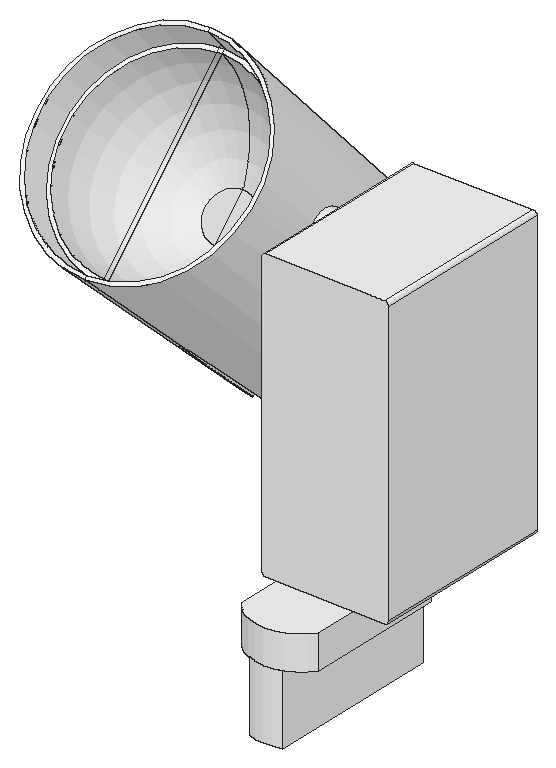
Revit family "0004814 Feilo Sylvania Lighting Fixture START TRACK SPOT S 24W 3K RA80 NB WHITE", category Lighting Fixtures, host Face, Revit 2017 (continued)
Definition of nested family "Start Track Spot Head"
  Types (96, lengths in mm): name | Wattage | built-in parameter 1150134 | Photometric Web File | Model | built-in parameter 1150105 | Lumens | built-in parameter 1150107 | built-in parameter 1150106 | HeadThickness_FEILO | HeadRibOffset_FEILO | HeadRibDepth_FEILO | HeadRibCutWidth_FEILO | HeadRibCutOffset_FEILO | HeadReflectorRadius_FEILO | HeadReflectorOffset_FEILO | HeadLEDRadius_FEILO | HeadHeight_FEILO | HeadDiffusorOffset_FEILO | HeadDiaOut_FEILO | HeadDiaIn_FEILO | HeadAxisFromTop_FEILO | Emit from Circle Diameter | built-in parameter 1150104 | Description | Apparent Load
    0004864 START TRACK SPOT S 24W 3K RA90 WB WHITE | 24 W | (empty or 0) | "0004864.ies" | "START TRACK SPOT S 24W 3K RA90 WB WHITE" | 152.79 (stored number, unit not read) | 1920 lm | 3000 (stored number, unit not read) | 1.5279 (stored number, unit not read) | 1.5 | 4.179 | 55.714 | 7.167 | 50.87 | 50.588 | 55.714 | 9.556 | 117 | 9.435 | 86 | 77.477 | 69.354 | 77.477 | 7.4322 (stored number, unit not read) | "Integrated LED spotlight, Textured White - RAL9016, compact and minimalist design, ideal for retail applications, die-cast aluminium body, passive cooling heatsink. Beam angle: 64°, color temperature: 3000K , total system power: 24W, total fixture output: 1928 lm, LOR: 100%, colour rendering: Ra: 90 typical, LED Chromaticity: 3 step MacAdam ellipse, lifetime: >50000 hours at L70B50, energy class: A++, A+, A, IR/UV free light source without heat radiation, operating voltage: 220-240V / 50-60Hz, drive current: 600mA, electronic driver, non-dimmable, power factor: 0.95, electrical protection: Class II, Global Track 3 Phase adapter suitable for Global trac 3-circuit tracks, ingress protection rating: IP20, suitable for internal environment only, horizontal rotation: 355°, vertical tilt: 90°, dimensions: Ø86x140x200, weight: 0.966kg." | 24 VA
    0004863 START TRACK SPOT S 24W 3K RA90 MB WHITE | 24 W | (empty or 0) | "0004863.ies" | "START TRACK SPOT S 24W 3K RA90 MB WHITE" | 154.7 (stored number, unit not read) | 1944 lm | 3000 (stored number, unit not read) | 1.547 (stored number, unit not read) | 1.5 | 4.179 | 55.714 | 7.167 | 50.87 | 50.588 | 55.714 | 9.556 | 117 | 9.435 | 86 | 77.477 | 69.354 | 77.477 | 7.5251 (stored number, unit not read) | "Integrated LED spotlight, Textured White - RAL9016, compact and minimalist design, ideal for retail applications, die-cast aluminium body, passive cooling heatsink. Beam angle: 36°, color temperature: 3000K , total system power: 24W, total fixture output: 1944 lm, LOR: 100%, colour rendering: Ra: 90 typical, LED Chromaticity: 3 step MacAdam ellipse, lifetime: >50000 hours at L70B50, energy class: A++, A+, A, IR/UV free light source without heat radiation, operating voltage: 220-240V / 50-60Hz, drive current: 600mA, electronic driver, non-dimmable, power factor: 0.95, electrical protection: Class II, Global Track 3 Phase adapter suitable for Global trac 3-circuit tracks, ingress protection rating: IP20, suitable for internal environment only, horizontal rotation: 355°, vertical tilt: 90°, dimensions: Ø86x140x200, weight: 0.966kg." | 24 VA
    0004862 START TRACK SPOT S 24W 3K RA90 NB WHITE | 24 W | (empty or 0) | "0004862.ies" | "START TRACK SPOT S 24W 3K RA90 NB WHITE" | 158.52 (stored number, unit not read) | 1992 lm | 3000 (stored number, unit not read) | 1.5852 (stored number, unit not read) | 1.5 | 4.179 | 55.714 | 7.167 | 50.87 | 50.588 | 55.714 | 9.556 | 117 | 9.435 | 86 | 77.477 | 69.354 | 77.477 | 7.711 (stored number, unit not read) | "Integrated LED spotlight, Textured White - RAL9016, compact and minimalist design, ideal for retail applications, die-cast aluminium body, passive cooling heatsink. Beam angle: 12°, color temperature: 3000K , total system power: 24W, total fixture output: 1987 lm, LOR: 100%, colour rendering: Ra: 90 typical, LED Chromaticity: 3 step MacAdam ellipse, lifetime: >50000 hours at L70B50, energy class: A++, A+, A, IR/UV free light source without heat radiation, operating voltage: 220-240V / 50-60Hz, drive current: 600mA, electronic driver, non-dimmable, power factor: 0.95, electrical protection: Class II, Global Track 3 Phase adapter suitable for Global trac 3-circuit tracks, ingress protection rating: IP20, suitable for internal environment only, horizontal rotation: 355°, vertical tilt: 90°, dimensions: Ø86x140x200, weight: 0.966kg." | 24 VA
    0004861 START TRACK SPOT S 14W 3K RA90 WB WHITE | 14 W | (empty or 0) | "0004861.ies" | "START TRACK SPOT S 14W 3K RA90 WB WHITE" | 100.27 (stored number, unit not read) | 1260 lm | 3000 (stored number, unit not read) | 1.0027 (stored number, unit not read) | 1.5 | 4.179 | 55.714 | 7.167 | 50.87 | 50.588 | 55.714 | 9.556 | 117 | 9.435 | 86 | 77.477 | 69.354 | 77.477 | 8.3613 (stored number, unit not read) | "Integrated LED spotlight, Textured White - RAL9016, compact and minimalist design, ideal for retail applications, die-cast aluminium body, passive cooling heatsink. Beam angle: 64°, color temperature: 3000K , total system power: 14W, total fixture output: 1262 lm, LOR: 100%, colour rendering: Ra: 90 typical, LED Chromaticity: 3 step MacAdam ellipse, lifetime: >50000 hours at L70B50, energy class: A++, A+, A, IR/UV free light source without heat radiation, operating voltage: 220-240V / 50-60Hz, drive current: 350mA, electronic driver, non-dimmable, power factor: 0.92, electrical protection: Class II, Global Track 3 Phase adapter suitable for Global trac 3-circuit tracks, ingress protection rating: IP20, suitable for internal environment only, horizontal rotation: 355°, vertical tilt: 90°, dimensions: Ø86x140x200, weight: 0.940kg." | 14 VA
    0004860 START TRACK SPOT S 14W 3K RA90 MB WHITE | 14 W | (empty or 0) | "0004860.ies" | "START TRACK SPOT S 14W 3K RA90 MB WHITE" | 100.27 (stored number, unit not read) | 1260 lm | 3000 (stored number, unit not read) | 1.0027 (stored number, unit not read) | 1.5 | 4.179 | 55.714 | 7.167 | 50.87 | 50.588 | 55.714 | 9.556 | 117 | 9.435 | 86 | 77.477 | 69.354 | 77.477 | 8.3613 (stored number, unit not read) | "Integrated LED spotlight, Textured White - RAL9016, compact and minimalist design, ideal for retail applications, die-cast aluminium body, passive cooling heatsink. Beam angle: 36°, color temperature: 3000K , total system power: 14W, total fixture output: 1262 lm, LOR: 100%, colour rendering: Ra: 90 typical, LED Chromaticity: 3 step MacAdam ellipse, lifetime: >50000 hours at L70B50, energy class: A++, A+, A, IR/UV free light source without heat radiation, operating voltage: 220-240V / 50-60Hz, drive current: 350mA, electronic driver, non-dimmable, power factor: 0.92, electrical protection: Class II, Global Track 3 Phase adapter suitable for Global trac 3-circuit tracks, ingress protection rating: IP20, suitable for internal environment only, horizontal rotation: 355°, vertical tilt: 90°, dimensions: Ø86x140x200, weight: 0.940kg." | 14 VA
    0004859 START TRACK SPOT S 14W 3K RA90 NB WHITE | 14 W | (empty or 0) | "0004859.ies" | "START TRACK SPOT S 14W 3K RA90 NB WHITE" | 102.5 (stored number, unit not read) | 1288 lm | 3000 (stored number, unit not read) | 1.025 (stored number, unit not read) | 1.5 | 4.179 | 55.714 | 7.167 | 50.87 | 50.588 | 55.714 | 9.556 | 117 | 9.435 | 86 | 77.477 | 69.354 | 77.477 | 8.5471 (stored number, unit not read) | "Integrated LED spotlight, Textured White - RAL9016, compact and minimalist design, ideal for retail applications, die-cast aluminium body, passive cooling heatsink. Beam angle: 12°, color temperature: 3000K , total system power: 14W, total fixture output: 1284 lm, LOR: 100%, colour rendering: Ra: 90 typical, LED Chromaticity: 3 step MacAdam ellipse, lifetime: >50000 hours at L70B50, energy class: A++, A+, A, IR/UV free light source without heat radiation, operating voltage: 220-240V / 50-60Hz, drive current: 350mA, electronic driver, non-dimmable, power factor: 0.92, electrical protection: Class II, Global Track 3 Phase adapter suitable for Global trac 3-circuit tracks, ingress protection rating: IP20, suitable for internal environment only, horizontal rotation: 355°, vertical tilt: 90°, dimensions: Ø86x140x200, weight: 0.940kg." | 14 VA
    0004858 START TRACK SPOT L 55W 4K RA80 WB BLACK | 55 W | 12 | "0004858.ies" | "START TRACK SPOT L 55W 4K RA80 WB BLACK" | 424.55 (stored number, unit not read) | 5335 lm | 4000 (stored number, unit not read) | 4.2455 (stored number, unit not read) | 2 | 4.429 | 59.048 | 9.417 | 53.913 | 66.471 | 59.048 | 12.556 | 124 | 10 | 113 | 101.802 | 73.503 | 101.802 | 9.0116 (stored number, unit not read) | "Integrated LED spotlight, Textured Black - RAL9005, compact and minimalist design, ideal for retail applications, die-cast aluminium body, passive cooling heatsink. Beam angle: 52°, color temperature: 4000K , total system power: 55W, total fixture output: 5320 lm, LOR: 100%, colour rendering: Ra: 80 typical, LED Chromaticity: 3 step MacAdam ellipse, lifetime: >50000 hours at L70B50, energy class: A++, A+, A, IR/UV free light source without heat radiation, operating voltage: 220-240V / 50-60Hz, drive current: 1400mA, electronic driver, non-dimmable, power factor: 0.96, electrical protection: Class II, Global Track 3 Phase adapter suitable for Global trac 3-circuit tracks, ingress protection rating: IP20, suitable for internal environment only, horizontal rotation: 355°, vertical tilt: 90°, dimensions: Ø113x164x240, weight: 1.398kg." | 55 VA
    0004857 START TRACK SPOT L 55W 4K RA80 MB BLACK | 55 W | 12 | "0004857.ies" | "START TRACK SPOT L 55W 4K RA80 MB BLACK" | 428.92 (stored number, unit not read) | 5390 lm | 4000 (stored number, unit not read) | 4.2892 (stored number, unit not read) | 2 | 4.429 | 59.048 | 9.417 | 53.913 | 66.471 | 59.048 | 12.556 | 124 | 10 | 113 | 101.802 | 73.503 | 101.802 | 9.1045 (stored number, unit not read) | "Integrated LED spotlight, Textured Black - RAL9005, compact and minimalist design, ideal for retail applications, die-cast aluminium body, passive cooling heatsink. Beam angle: 38°, color temperature: 4000K , total system power: 55W, total fixture output: 5378 lm, LOR: 100%, colour rendering: Ra: 80 typical, LED Chromaticity: 3 step MacAdam ellipse, lifetime: >50000 hours at L70B50, energy class: A++, A+, A, IR/UV free light source without heat radiation, operating voltage: 220-240V / 50-60Hz, drive current: 1400mA, electronic driver, non-dimmable, power factor: 0.96, electrical protection: Class II, Global Track 3 Phase adapter suitable for Global trac 3-circuit tracks, ingress protection rating: IP20, suitable for internal environment only, horizontal rotation: 355°, vertical tilt: 90°, dimensions: Ø113x164x240, weight: 1.398kg." | 55 VA
    0004856 START TRACK SPOT L 55W 4K RA80 NB BLACK | 55 W | 12 | "0004856.ies" | "START TRACK SPOT L 55W 4K RA80 NB BLACK" | 433.3 (stored number, unit not read) | 5445 lm | 4000 (stored number, unit not read) | 4.333 (stored number, unit not read) | 2 | 4.429 | 59.048 | 9.417 | 53.913 | 66.471 | 59.048 | 12.556 | 124 | 10 | 113 | 101.802 | 73.503 | 101.802 | 9.1974 (stored number, unit not read) | "Integrated LED spotlight, Textured Black - RAL9005, compact and minimalist design, ideal for retail applications, die-cast aluminium body, passive cooling heatsink. Beam angle: 15°, color temperature: 4000K , total system power: 55W, total fixture output: 5426 lm, LOR: 100%, colour rendering: Ra: 80 typical, LED Chromaticity: 3 step MacAdam ellipse, lifetime: >50000 hours at L70B50, energy class: A++, A+, A, IR/UV free light source without heat radiation, operating voltage: 220-240V / 50-60Hz, drive current: 1400mA, electronic driver, non-dimmable, power factor: 0.96, electrical protection: Class II, Global Track 3 Phase adapter suitable for Global trac 3-circuit tracks, ingress protection rating: IP20, suitable for internal environment only, horizontal rotation: 355°, vertical tilt: 90°, dimensions: Ø113x164x240, weight: 1.398kg." | 55 VA
    0004855 START TRACK SPOT L 35W 4K RA80 WB BLACK | 35 W | 12 | "0004855.ies" | "START TRACK SPOT L 35W 4K RA80 WB BLACK" | 320.3 (stored number, unit not read) | 4025 lm | 4000 (stored number, unit not read) | 3.203 (stored number, unit not read) | 2 | 4.429 | 59.048 | 9.417 | 53.913 | 66.471 | 59.048 | 12.556 | 124 | 10 | 113 | 101.802 | 73.503 | 101.802 | 10.684 (stored number, unit not read) | "Integrated LED spotlight, Textured Black - RAL9005, compact and minimalist design, ideal for retail applications, die-cast aluminium body, passive cooling heatsink. Beam angle: 52°, color temperature: 4000K , total system power: 35W, total fixture output: 4010 lm, LOR: 100%, colour rendering: Ra: 80 typical, LED Chromaticity: 3 step MacAdam ellipse, lifetime: >50000 hours at L70B50, energy class: A++, A+, A, IR/UV free light source without heat radiation, operating voltage: 220-240V / 50-60Hz, drive current: 900mA, electronic driver, non-dimmable, power factor: 0.93, electrical protection: Class II, Global Track 3 Phase adapter suitable for Global trac 3-circuit tracks, ingress protection rating: IP20, suitable for internal environment only, horizontal rotation: 355°, vertical tilt: 90°, dimensions: Ø113x164x240, weight: 1.368kg." | 35 VA
    0004854 START TRACK SPOT L 35W 4K RA80 MB BLACK | 35 W | 12 | "0004854.ies" | "START TRACK SPOT L 35W 4K RA80 MB BLACK" | 320.3 (stored number, unit not read) | 4025 lm | 4000 (stored number, unit not read) | 3.203 (stored number, unit not read) | 2 | 4.429 | 59.048 | 9.417 | 53.913 | 66.471 | 59.048 | 12.556 | 124 | 10 | 113 | 101.802 | 73.503 | 101.802 | 10.684 (stored number, unit not read) | "Integrated LED spotlight, Textured Black - RAL9005, compact and minimalist design, ideal for retail applications, die-cast aluminium body, passive cooling heatsink. Beam angle: 38°, color temperature: 4000K , total system power: 35W, total fixture output: 4017 lm, LOR: 100%, colour rendering: Ra: 80 typical, LED Chromaticity: 3 step MacAdam ellipse, lifetime: >50000 hours at L70B50, energy class: A++, A+, A, IR/UV free light source without heat radiation, operating voltage: 220-240V / 50-60Hz, drive current: 900mA, electronic driver, non-dimmable, power factor: 0.93, electrical protection: Class II, Global Track 3 Phase adapter suitable for Global trac 3-circuit tracks, ingress protection rating: IP20, suitable for internal environment only, horizontal rotation: 355°, vertical tilt: 90°, dimensions: Ø113x164x240, weight: 1.368kg." | 35 VA
    0004853 START TRACK SPOT L 35W 4K RA80 NB BLACK | 35 W | 12 | "0004853.ies" | "START TRACK SPOT L 35W 4K RA80 NB BLACK" | 331.44 (stored number, unit not read) | 4165 lm | 4000 (stored number, unit not read) | 3.3144 (stored number, unit not read) | 2 | 4.429 | 59.048 | 9.417 | 53.913 | 66.471 | 59.048 | 12.556 | 124 | 10 | 113 | 101.802 | 73.503 | 101.802 | 11.055 (stored number, unit not read) | "Integrated LED spotlight, Textured Black - RAL9005, compact and minimalist design, ideal for retail applications, die-cast aluminium body, passive cooling heatsink. Beam angle: 15°, color temperature: 4000K , total system power: 35W, total fixture output: 4174 lm, LOR: 100%, colour rendering: Ra: 80 typical, LED Chromaticity: 3 step MacAdam ellipse, lifetime: >50000 hours at L70B50, energy class: A++, A+, A, IR/UV free light source without heat radiation, operating voltage: 220-240V / 50-60Hz, drive current: 900mA, electronic driver, non-dimmable, power factor: 0.93, electrical protection: Class II, Global Track 3 Phase adapter suitable for Global trac 3-circuit tracks, ingress protection rating: IP20, suitable for internal environment only, horizontal rotation: 355°, vertical tilt: 90°, dimensions: Ø113x164x240, weight: 1.368kg." | 35 VA
    0004852 START TRACK SPOT S 24W 4K RA80 WB BLACK | 24 W | 12 | "0004852.ies" | "START TRACK SPOT S 24W 4K RA80 WB BLACK" | 196.72 (stored number, unit not read) | 2472 lm | 4000 (stored number, unit not read) | 1.9672 (stored number, unit not read) | 1.5 | 4.179 | 55.714 | 7.167 | 50.87 | 50.588 | 55.714 | 9.556 | 117 | 9.435 | 86 | 77.477 | 69.354 | 77.477 | 9.569 (stored number, unit not read) | "Integrated LED spotlight, Textured Black - RAL9005, compact and minimalist design, ideal for retail applications, die-cast aluminium body, passive cooling heatsink. Beam angle: 64°, color temperature: 4000K , total system power: 24W, total fixture output: 2476 lm, LOR: 100%, colour rendering: Ra: 80 typical, LED Chromaticity: 3 step MacAdam ellipse, lifetime: >50000 hours at L70B50, energy class: A++, A+, A, IR/UV free light source without heat radiation, operating voltage: 220-240V / 50-60Hz, drive current: 600mA, electronic driver, non-dimmable, power factor: 0.95, electrical protection: Class II, Global Track 3 Phase adapter suitable for Global trac 3-circuit tracks, ingress protection rating: IP20, suitable for internal environment only, horizontal rotation: 355°, vertical tilt: 90°, dimensions: Ø86x140x200, weight: 0.966kg." | 24 VA
    0004851 START TRACK SPOT S 24W 4K RA80 MB BLACK | 24 W | 12 | "0004851.ies" | "START TRACK SPOT S 24W 4K RA80 MB BLACK" | 198.63 (stored number, unit not read) | 2496 lm | 4000 (stored number, unit not read) | 1.9863 (stored number, unit not read) | 1.5 | 4.179 | 55.714 | 7.167 | 50.87 | 50.588 | 55.714 | 9.556 | 117 | 9.435 | 86 | 77.477 | 69.354 | 77.477 | 9.6619 (stored number, unit not read) | "Integrated LED spotlight, Textured Black - RAL9005, compact and minimalist design, ideal for retail applications, die-cast aluminium body, passive cooling heatsink. Beam angle: 36°, color temperature: 4000K , total system power: 24W, total fixture output: 2487 lm, LOR: 100%, colour rendering: Ra: 80 typical, LED Chromaticity: 3 step MacAdam ellipse, lifetime: >50000 hours at L70B50, energy class: A++, A+, A, IR/UV free light source without heat radiation, operating voltage: 220-240V / 50-60Hz, drive current: 600mA, electronic driver, non-dimmable, power factor: 0.95, electrical protection: Class II, Global Track 3 Phase adapter suitable for Global trac 3-circuit tracks, ingress protection rating: IP20, suitable for internal environment only, horizontal rotation: 355°, vertical tilt: 90°, dimensions: Ø86x140x200, weight: 0.966kg." | 24 VA
    0004850 START TRACK SPOT S 24W 4K RA80 NB BLACK | 24 W | 12 | "0004850.ies" | "START TRACK SPOT S 24W 4K RA80 NB BLACK" | 200.54 (stored number, unit not read) | 2520 lm | 4000 (stored number, unit not read) | 2.0054 (stored number, unit not read) | 1.5 | 4.179 | 55.714 | 7.167 | 50.87 | 50.588 | 55.714 | 9.556 | 117 | 9.435 | 86 | 77.477 | 69.354 | 77.477 | 9.7548 (stored number, unit not read) | "Integrated LED spotlight, Textured Black - RAL9005, compact and minimalist design, ideal for retail applications, die-cast aluminium body, passive cooling heatsink. Beam angle: 12°, color temperature: 4000K , total system power: 24W, total fixture output: 2529 lm, LOR: 100%, colour rendering: Ra: 80 typical, LED Chromaticity: 3 step MacAdam ellipse, lifetime: >50000 hours at L70B50, energy class: A++, A+, A, IR/UV free light source without heat radiation, operating voltage: 220-240V / 50-60Hz, drive current: 600mA, electronic driver, non-dimmable, power factor: 0.95, electrical protection: Class II, Global Track 3 Phase adapter suitable for Global trac 3-circuit tracks, ingress protection rating: IP20, suitable for internal environment only, horizontal rotation: 355°, vertical tilt: 90°, dimensions: Ø86x140x200, weight: 0.966kg." | 24 VA
    0004849 START TRACK SPOT S 14W 4K RA80 WB BLACK | 14 W | 12 | "0004849.ies" | "START TRACK SPOT S 14W 4K RA80 WB BLACK" | 123.66 (stored number, unit not read) | 1554 lm | 4000 (stored number, unit not read) | 1.2366 (stored number, unit not read) | 1.5 | 4.179 | 55.714 | 7.167 | 50.87 | 50.588 | 55.714 | 9.556 | 117 | 9.435 | 86 | 77.477 | 69.354 | 77.477 | 10.312 (stored number, unit not read) | "Integrated LED spotlight, Textured Black - RAL9005, compact and minimalist design, ideal for retail applications, die-cast aluminium body, passive cooling heatsink. Beam angle: 64°, color temperature: 4000K , total system power: 14W, total fixture output: 1558 lm, LOR: 100%, colour rendering: Ra: 80 typical, LED Chromaticity: 3 step MacAdam ellipse, lifetime: >50000 hours at L70B50, energy class: A++, A+, A, IR/UV free light source without heat radiation, operating voltage: 220-240V / 50-60Hz, drive current: 350mA, electronic driver, non-dimmable, power factor: 0.92, electrical protection: Class II, Global Track 3 Phase adapter suitable for Global trac 3-circuit tracks, ingress protection rating: IP20, suitable for internal environment only, horizontal rotation: 355°, vertical tilt: 90°, dimensions: Ø86x140x200, weight: 0.940kg." | 14 VA
    0004848 START TRACK SPOT S 14W 4K RA80 MB BLACK | 14 W | 12 | "0004848.ies" | "START TRACK SPOT S 14W 4K RA80 MB BLACK" | 127.01 (stored number, unit not read) | 1596 lm | 4000 (stored number, unit not read) | 1.2701 (stored number, unit not read) | 1.5 | 4.179 | 55.714 | 7.167 | 50.87 | 50.588 | 55.714 | 9.556 | 117 | 9.435 | 86 | 77.477 | 69.354 | 77.477 | 10.591 (stored number, unit not read) | "Integrated LED spotlight, Textured Black - RAL9005, compact and minimalist design, ideal for retail applications, die-cast aluminium body, passive cooling heatsink. Beam angle: 36°, color temperature: 4000K , total system power: 14W, total fixture output: 1598 lm, LOR: 100%, colour rendering: Ra: 80 typical, LED Chromaticity: 3 step MacAdam ellipse, lifetime: >50000 hours at L70B50, energy class: A++, A+, A, IR/UV free light source without heat radiation, operating voltage: 220-240V / 50-60Hz, drive current: 350mA, electronic driver, non-dimmable, power factor: 0.92, electrical protection: Class II, Global Track 3 Phase adapter suitable for Global trac 3-circuit tracks, ingress protection rating: IP20, suitable for internal environment only, horizontal rotation: 355°, vertical tilt: 90°, dimensions: Ø86x140x200, weight: 0.940kg." | 14 VA
    0004847 START TRACK SPOT S 14W 4K RA80 NB BLACK | 14 W | 12 | "0004847.ies" | "START TRACK SPOT S 14W 4K RA80 NB BLACK" | 128.12 (stored number, unit not read) | 1610 lm | 4000 (stored number, unit not read) | 1.2812 (stored number, unit not read) | 1.5 | 4.179 | 55.714 | 7.167 | 50.87 | 50.588 | 55.714 | 9.556 | 117 | 9.435 | 86 | 77.477 | 69.354 | 77.477 | 10.684 (stored number, unit not read) | "Integrated LED spotlight, Textured Black - RAL9005, compact and minimalist design, ideal for retail applications, die-cast aluminium body, passive cooling heatsink. Beam angle: 12°, color temperature: 4000K , total system power: 14W, total fixture output: 1608 lm, LOR: 100%, colour rendering: Ra: 80 typical, LED Chromaticity: 3 step MacAdam ellipse, lifetime: >50000 hours at L70B50, energy class: A++, A+, A, IR/UV free light source without heat radiation, operating voltage: 220-240V / 50-60Hz, drive current: 350mA, electronic driver, non-dimmable, power factor: 0.92, electrical protection: Class II, Global Track 3 Phase adapter suitable for Global trac 3-circuit tracks, ingress protection rating: IP20, suitable for internal environment only, horizontal rotation: 355°, vertical tilt: 90°, dimensions: Ø86x140x200, weight: 0.940kg." | 14 VA
    0004846 START TRACK SPOT L 55W 3K RA80 WB BLACK | 55 W | (empty or 0) | "0004846.ies" | "START TRACK SPOT L 55W 3K RA80 WB BLACK" | 420.17 (stored number, unit not read) | 5280 lm | 3000 (stored number, unit not read) | 4.2017 (stored number, unit not read) | 2 | 4.429 | 59.048 | 9.417 | 53.913 | 66.471 | 59.048 | 12.556 | 124 | 10 | 113 | 101.802 | 73.503 | 101.802 | 8.9187 (stored number, unit not read) | "Integrated LED spotlight, Textured Black - RAL9005, compact and minimalist design, ideal for retail applications, die-cast aluminium body, passive cooling heatsink. Beam angle: 52°, color temperature: 3000K , total system power: 55W, total fixture output: 5298 lm, LOR: 100%, colour rendering: Ra: 80 typical, LED Chromaticity: 3 step MacAdam ellipse, lifetime: >50000 hours at L70B50, energy class: A++, A+, A, IR/UV free light source without heat radiation, operating voltage: 220-240V / 50-60Hz, drive current: 1400mA, electronic driver, non-dimmable, power factor: 0.96, electrical protection: Class II, Global Track 3 Phase adapter suitable for Global trac 3-circuit tracks, ingress protection rating: IP20, suitable for internal environment only, horizontal rotation: 355°, vertical tilt: 90°, dimensions: Ø113x164x240, weight: 1.398kg." | 55 VA
    0004845 START TRACK SPOT L 55W 3K RA80 MB BLACK | 55 W | (empty or 0) | "0004845.ies" | "START TRACK SPOT L 55W 3K RA80 MB BLACK" | 428.92 (stored number, unit not read) | 5390 lm | 3000 (stored number, unit not read) | 4.2892 (stored number, unit not read) | 2 | 4.429 | 59.048 | 9.417 | 53.913 | 66.471 | 59.048 | 12.556 | 124 | 10 | 113 | 101.802 | 73.503 | 101.802 | 9.1045 (stored number, unit not read) | "Integrated LED spotlight, Textured Black - RAL9005, compact and minimalist design, ideal for retail applications, die-cast aluminium body, passive cooling heatsink. Beam angle: 38°, color temperature: 3000K , total system power: 55W, total fixture output: 5381 lm, LOR: 100%, colour rendering: Ra: 80 typical, LED Chromaticity: 3 step MacAdam ellipse, lifetime: >50000 hours at L70B50, energy class: A++, A+, A, IR/UV free light source without heat radiation, operating voltage: 220-240V / 50-60Hz, drive current: 1400mA, electronic driver, non-dimmable, power factor: 0.96, electrical protection: Class II, Global Track 3 Phase adapter suitable for Global trac 3-circuit tracks, ingress protection rating: IP20, suitable for internal environment only, horizontal rotation: 355°, vertical tilt: 90°, dimensions: Ø113x164x240, weight: 1.398kg." | 55 VA
    0004844 START TRACK SPOT L 55W 3K RA80 NB BLACK | 55 W | (empty or 0) | "0004844.ies" | "START TRACK SPOT L 55W 3K RA80 NB BLACK" | 433.3 (stored number, unit not read) | 5445 lm | 3000 (stored number, unit not read) | 4.333 (stored number, unit not read) | 2 | 4.429 | 59.048 | 9.417 | 53.913 | 66.471 | 59.048 | 12.556 | 124 | 10 | 113 | 101.802 | 73.503 | 101.802 | 9.1974 (stored number, unit not read) | "Integrated LED spotlight, Textured Black - RAL9005, compact and minimalist design, ideal for retail applications, die-cast aluminium body, passive cooling heatsink. Beam angle: 15°, color temperature: 3000K , total system power: 55W, total fixture output: 5449 lm, LOR: 100%, colour rendering: Ra: 80 typical, LED Chromaticity: 3 step MacAdam ellipse, lifetime: >50000 hours at L70B50, energy class: A++, A+, A, IR/UV free light source without heat radiation, operating voltage: 220-240V / 50-60Hz, drive current: 1400mA, electronic driver, non-dimmable, power factor: 0.96, electrical protection: Class II, Global Track 3 Phase adapter suitable for Global trac 3-circuit tracks, ingress protection rating: IP20, suitable for internal environment only, horizontal rotation: 355°, vertical tilt: 90°, dimensions: Ø113x164x240, weight: 1.398kg." | 55 VA
    0004843 START TRACK SPOT L 35W 3K RA80 WB BLACK | 35 W | (empty or 0) | "0004843.ies" | "START TRACK SPOT L 35W 3K RA80 WB BLACK" | 314.73 (stored number, unit not read) | 3955 lm | 3000 (stored number, unit not read) | 3.1473 (stored number, unit not read) | 2 | 4.429 | 59.048 | 9.417 | 53.913 | 66.471 | 59.048 | 12.556 | 124 | 10 | 113 | 101.802 | 73.503 | 101.802 | 10.498 (stored number, unit not read) | "Integrated LED spotlight, Textured Black - RAL9005, compact and minimalist design, ideal for retail applications, die-cast aluminium body, passive cooling heatsink. Beam angle: 52°, color temperature: 3000K , total system power: 35W, total fixture output: 3943 lm, LOR: 100%, colour rendering: Ra: 80 typical, LED Chromaticity: 3 step MacAdam ellipse, lifetime: >50000 hours at L70B50, energy class: A++, A+, A, IR/UV free light source without heat radiation, operating voltage: 220-240V / 50-60Hz, drive current: 900mA, electronic driver, non-dimmable, power factor: 0.93, electrical protection: Class II, Global Track 3 Phase adapter suitable for Global trac 3-circuit tracks, ingress protection rating: IP20, suitable for internal environment only, horizontal rotation: 355°, vertical tilt: 90°, dimensions: Ø113x164x240, weight: 1.368kg." | 35 VA
    0004842 START TRACK SPOT L 35W 3K RA80 MB BLACK | 35 W | (empty or 0) | "0004842.ies" | "START TRACK SPOT L 35W 3K RA80 MB BLACK" | 320.3 (stored number, unit not read) | 4025 lm | 3000 (stored number, unit not read) | 3.203 (stored number, unit not read) | 2 | 4.429 | 59.048 | 9.417 | 53.913 | 66.471 | 59.048 | 12.556 | 124 | 10 | 113 | 101.802 | 73.503 | 101.802 | 10.684 (stored number, unit not read) | "Integrated LED spotlight, Textured Black - RAL9005, compact and minimalist design, ideal for retail applications, die-cast aluminium body, passive cooling heatsink. Beam angle: 38°, color temperature: 3000K , total system power: 35W, total fixture output: 4008 lm, LOR: 100%, colour rendering: Ra: 80 typical, LED Chromaticity: 3 step MacAdam ellipse, lifetime: >50000 hours at L70B50, energy class: A++, A+, A, IR/UV free light source without heat radiation, operating voltage: 220-240V / 50-60Hz, drive current: 900mA, electronic driver, non-dimmable, power factor: 0.93, electrical protection: Class II, Global Track 3 Phase adapter suitable for Global trac 3-circuit tracks, ingress protection rating: IP20, suitable for internal environment only, horizontal rotation: 355°, vertical tilt: 90°, dimensions: Ø113x164x240, weight: 1.368kg." | 35 VA
    0004841 START TRACK SPOT L 35W 3K RA80 NB BLACK | 35 W | (empty or 0) | "0004841.ies" | "START TRACK SPOT L 35W 3K RA80 NB BLACK" | 317.51 (stored number, unit not read) | 3990 lm | 3000 (stored number, unit not read) | 3.1751 (stored number, unit not read) | 2 | 4.429 | 59.048 | 9.417 | 53.913 | 66.471 | 59.048 | 12.556 | 124 | 10 | 113 | 101.802 | 73.503 | 101.802 | 10.591 (stored number, unit not read) | "Integrated LED spotlight, Textured Black - RAL9005, compact and minimalist design, ideal for retail applications, die-cast aluminium body, passive cooling heatsink. Beam angle: 15°, color temperature: 3000K , total system power: 35W, total fixture output: 4005 lm, LOR: 100%, colour rendering: Ra: 80 typical, LED Chromaticity: 3 step MacAdam ellipse, lifetime: >50000 hours at L70B50, energy class: A++, A+, A, IR/UV free light source without heat radiation, operating voltage: 220-240V / 50-60Hz, drive current: 900mA, electronic driver, non-dimmable, power factor: 0.93, electrical protection: Class II, Global Track 3 Phase adapter suitable for Global trac 3-circuit tracks, ingress protection rating: IP20, suitable for internal environment only, horizontal rotation: 355°, vertical tilt: 90°, dimensions: Ø113x164x240, weight: 1.368kg." | 35 VA
    0004840 START TRACK SPOT S 24W 3K RA80 WB BLACK | 24 W | (empty or 0) | "0004840.ies" | "START TRACK SPOT S 24W 3K RA80 WB BLACK" | 185.26 (stored number, unit not read) | 2328 lm | 3000 (stored number, unit not read) | 1.8526 (stored number, unit not read) | 1.5 | 4.179 | 55.714 | 7.167 | 50.87 | 50.588 | 55.714 | 9.556 | 117 | 9.435 | 86 | 77.477 | 69.354 | 77.477 | 9.0116 (stored number, unit not read) | "Integrated LED spotlight, Textured Black - RAL9005, compact and minimalist design, ideal for retail applications, die-cast aluminium body, passive cooling heatsink. Beam angle: 64°, color temperature: 3000K , total system power: 24W, total fixture output: 2318 lm, LOR: 100%, colour rendering: Ra: 80 typical, LED Chromaticity: 3 step MacAdam ellipse, lifetime: >50000 hours at L70B50, energy class: A++, A+, A, IR/UV free light source without heat radiation, operating voltage: 220-240V / 50-60Hz, drive current: 600mA, electronic driver, non-dimmable, power factor: 0.95, electrical protection: Class II, Global Track 3 Phase adapter suitable for Global trac 3-circuit tracks, ingress protection rating: IP20, suitable for internal environment only, horizontal rotation: 355°, vertical tilt: 90°, dimensions: Ø86x140x200, weight: 0.966kg." | 24 VA
    0004839 START TRACK SPOT S 24W 3K RA80 MB BLACK | 24 W | (empty or 0) | "0004839.ies" | "START TRACK SPOT S 24W 3K RA80 MB BLACK" | 183.35 (stored number, unit not read) | 2304 lm | 3000 (stored number, unit not read) | 1.8335 (stored number, unit not read) | 1.5 | 4.179 | 55.714 | 7.167 | 50.87 | 50.588 | 55.714 | 9.556 | 117 | 9.435 | 86 | 77.477 | 69.354 | 77.477 | 8.9187 (stored number, unit not read) | "Integrated LED spotlight, Textured Black - RAL9005, compact and minimalist design, ideal for retail applications, die-cast aluminium body, passive cooling heatsink. Beam angle: 36°, color temperature: 3000K , total system power: 24W, total fixture output: 2314 lm, LOR: 100%, colour rendering: Ra: 80 typical, LED Chromaticity: 3 step MacAdam ellipse, lifetime: >50000 hours at L70B50, energy class: A++, A+, A, IR/UV free light source without heat radiation, operating voltage: 220-240V / 50-60Hz, drive current: 600mA, electronic driver, non-dimmable, power factor: 0.95, electrical protection: Class II, Global Track 3 Phase adapter suitable for Global trac 3-circuit tracks, ingress protection rating: IP20, suitable for internal environment only, horizontal rotation: 355°, vertical tilt: 90°, dimensions: Ø86x140x200, weight: 0.966kg." | 24 VA
    0004838 START TRACK SPOT S 24W 3K RA80 NB BLACK | 24 W | (empty or 0) | "0004838.ies" | "START TRACK SPOT S 24W 3K RA80 NB BLACK" | 185.26 (stored number, unit not read) | 2328 lm | 3000 (stored number, unit not read) | 1.8526 (stored number, unit not read) | 1.5 | 4.179 | 55.714 | 7.167 | 50.87 | 50.588 | 55.714 | 9.556 | 117 | 9.435 | 86 | 77.477 | 69.354 | 77.477 | 9.0116 (stored number, unit not read) | "Integrated LED spotlight, Textured Black - RAL9005, compact and minimalist design, ideal for retail applications, die-cast aluminium body, passive cooling heatsink. Beam angle: 12°, color temperature: 3000K , total system power: 24W, total fixture output: 2334 lm, LOR: 100%, colour rendering: Ra: 80 typical, LED Chromaticity: 3 step MacAdam ellipse, lifetime: >50000 hours at L70B50, energy class: A++, A+, A, IR/UV free light source without heat radiation, operating voltage: 220-240V / 50-60Hz, drive current: 600mA, electronic driver, non-dimmable, power factor: 0.95, electrical protection: Class II, Global Track 3 Phase adapter suitable for Global trac 3-circuit tracks, ingress protection rating: IP20, suitable for internal environment only, horizontal rotation: 355°, vertical tilt: 90°, dimensions: Ø86x140x200, weight: 0.966kg." | 24 VA
    0004837 START TRACK SPOT S 14W 3K RA80 WB BLACK | 14 W | (empty or 0) | "0004837.ies" | "START TRACK SPOT S 14W 3K RA80 WB BLACK" | 119.21 (stored number, unit not read) | 1498 lm | 3000 (stored number, unit not read) | 1.1921 (stored number, unit not read) | 1.5 | 4.179 | 55.714 | 7.167 | 50.87 | 50.588 | 55.714 | 9.556 | 117 | 9.435 | 86 | 77.477 | 69.354 | 77.477 | 9.9406 (stored number, unit not read) | "Integrated LED spotlight, Textured Black - RAL9005, compact and minimalist design, ideal for retail applications, die-cast aluminium body, passive cooling heatsink. Beam angle: 64°, color temperature: 3000K , total system power: 14W, total fixture output: 1498 lm, LOR: 100%, colour rendering: Ra: 80 typical, LED Chromaticity: 3 step MacAdam ellipse, lifetime: >50000 hours at L70B50, energy class: A++, A+, A, IR/UV free light source without heat radiation, operating voltage: 220-240V / 50-60Hz, drive current: 350mA, electronic driver, non-dimmable, power factor: 0.92, electrical protection: Class II, Global Track 3 Phase adapter suitable for Global trac 3-circuit tracks, ingress protection rating: IP20, suitable for internal environment only, horizontal rotation: 355°, vertical tilt: 90°, dimensions: Ø86x140x200, weight: 0.940kg." | 14 VA
    0004836 START TRACK SPOT S 14W 3K RA80 MB BLACK | 14 W | (empty or 0) | "0004836.ies" | "START TRACK SPOT S 14W 3K RA80 MB BLACK" | 120.32 (stored number, unit not read) | 1512 lm | 3000 (stored number, unit not read) | 1.2032 (stored number, unit not read) | 1.5 | 4.179 | 55.714 | 7.167 | 50.87 | 50.588 | 55.714 | 9.556 | 117 | 9.435 | 86 | 77.477 | 69.354 | 77.477 | 10.034 (stored number, unit not read) | "Integrated LED spotlight, Textured Black - RAL9005, compact and minimalist design, ideal for retail applications, die-cast aluminium body, passive cooling heatsink. Beam angle: 36°, color temperature: 3000K , total system power: 14W, total fixture output: 1508 lm, LOR: 100%, colour rendering: Ra: 80 typical, LED Chromaticity: 3 step MacAdam ellipse, lifetime: >50000 hours at L70B50, energy class: A++, A+, A, IR/UV free light source without heat radiation, operating voltage: 220-240V / 50-60Hz, drive current: 350mA, electronic driver, non-dimmable, power factor: 0.92, electrical protection: Class II, Global Track 3 Phase adapter suitable for Global trac 3-circuit tracks, ingress protection rating: IP20, suitable for internal environment only, horizontal rotation: 355°, vertical tilt: 90°, dimensions: Ø86x140x200, weight: 0.940kg." | 14 VA
    0004835 START TRACK SPOT S 14W 3K RA80 NB BLACK | 14 W | (empty or 0) | "0004835.ies" | "START TRACK SPOT S 14W 3K RA80 NB BLACK" | 123.66 (stored number, unit not read) | 1554 lm | 3000 (stored number, unit not read) | 1.2366 (stored number, unit not read) | 1.5 | 4.179 | 55.714 | 7.167 | 50.87 | 50.588 | 55.714 | 9.556 | 117 | 9.435 | 86 | 77.477 | 69.354 | 77.477 | 10.312 (stored number, unit not read) | "Integrated LED spotlight, Textured Black - RAL9005, compact and minimalist design, ideal for retail applications, die-cast aluminium body, passive cooling heatsink. Beam angle: 12°, color temperature: 3000K , total system power: 14W, total fixture output: 1551 lm, LOR: 100%, colour rendering: Ra: 80 typical, LED Chromaticity: 3 step MacAdam ellipse, lifetime: >50000 hours at L70B50, energy class: A++, A+, A, IR/UV free light source without heat radiation, operating voltage: 220-240V / 50-60Hz, drive current: 350mA, electronic driver, non-dimmable, power factor: 0.92, electrical protection: Class II, Global Track 3 Phase adapter suitable for Global trac 3-circuit tracks, ingress protection rating: IP20, suitable for internal environment only, horizontal rotation: 355°, vertical tilt: 90°, dimensions: Ø86x140x200, weight: 0.940kg." | 14 VA
    0004834 START TRACK SPOT L 55W 4K RA80 WB WHITE | 55 W | 12 | "0004834.ies" | "START TRACK SPOT L 55W 4K RA80 WB WHITE" | 424.55 (stored number, unit not read) | 5335 lm | 4000 (stored number, unit not read) | 4.2455 (stored number, unit not read) | 2 | 4.429 | 59.048 | 9.417 | 53.913 | 66.471 | 59.048 | 12.556 | 124 | 10 | 113 | 101.802 | 73.503 | 101.802 | 9.0116 (stored number, unit not read) | "Integrated LED spotlight, Textured White - RAL9016, compact and minimalist design, ideal for retail applications, die-cast aluminium body, passive cooling heatsink. Beam angle: 52°, color temperature: 4000K , total system power: 55W, total fixture output: 5320 lm, LOR: 100%, colour rendering: Ra: 80 typical, LED Chromaticity: 3 step MacAdam ellipse, lifetime: >50000 hours at L70B50, energy class: A++, A+, A, IR/UV free light source without heat radiation, operating voltage: 220-240V / 50-60Hz, drive current: 1400mA, electronic driver, non-dimmable, power factor: 0.96, electrical protection: Class II, Global Track 3 Phase adapter suitable for Global trac 3-circuit tracks, ingress protection rating: IP20, suitable for internal environment only, horizontal rotation: 355°, vertical tilt: 90°, dimensions: Ø113x164x240, weight: 1.398kg." | 55 VA
    0004833 START TRACK SPOT L 55W 4K RA80 MB WHITE | 55 W | 12 | "0004833.ies" | "START TRACK SPOT L 55W 4K RA80 MB WHITE" | 428.92 (stored number, unit not read) | 5390 lm | 4000 (stored number, unit not read) | 4.2892 (stored number, unit not read) | 2 | 4.429 | 59.048 | 9.417 | 53.913 | 66.471 | 59.048 | 12.556 | 124 | 10 | 113 | 101.802 | 73.503 | 101.802 | 9.1045 (stored number, unit not read) | "Integrated LED spotlight, Textured White - RAL9016, compact and minimalist design, ideal for retail applications, die-cast aluminium body, passive cooling heatsink. Beam angle: 38°, color temperature: 4000K , total system power: 55W, total fixture output: 5378 lm, LOR: 100%, colour rendering: Ra: 80 typical, LED Chromaticity: 3 step MacAdam ellipse, lifetime: >50000 hours at L70B50, energy class: A++, A+, A, IR/UV free light source without heat radiation, operating voltage: 220-240V / 50-60Hz, drive current: 1400mA, electronic driver, non-dimmable, power factor: 0.96, electrical protection: Class II, Global Track 3 Phase adapter suitable for Global trac 3-circuit tracks, ingress protection rating: IP20, suitable for internal environment only, horizontal rotation: 355°, vertical tilt: 90°, dimensions: Ø113x164x240, weight: 1.398kg." | 55 VA
    0004832 START TRACK SPOT L 55W 4K RA80 NB WHITE | 55 W | 12 | "0004832.ies" | "START TRACK SPOT L 55W 4K RA80 NB WHITE" | 433.3 (stored number, unit not read) | 5445 lm | 4000 (stored number, unit not read) | 4.333 (stored number, unit not read) | 2 | 4.429 | 59.048 | 9.417 | 53.913 | 66.471 | 59.048 | 12.556 | 124 | 10 | 113 | 101.802 | 73.503 | 101.802 | 9.1974 (stored number, unit not read) | "Integrated LED spotlight, Textured White - RAL9016, compact and minimalist design, ideal for retail applications, die-cast aluminium body, passive cooling heatsink. Beam angle: 15°, color temperature: 4000K , total system power: 55W, total fixture output: 5426 lm, LOR: 100%, colour rendering: Ra: 80 typical, LED Chromaticity: 3 step MacAdam ellipse, lifetime: >50000 hours at L70B50, energy class: A++, A+, A, IR/UV free light source without heat radiation, operating voltage: 220-240V / 50-60Hz, drive current: 1400mA, electronic driver, non-dimmable, power factor: 0.96, electrical protection: Class II, Global Track 3 Phase adapter suitable for Global trac 3-circuit tracks, ingress protection rating: IP20, suitable for internal environment only, horizontal rotation: 355°, vertical tilt: 90°, dimensions: Ø113x164x240, weight: 1.398kg." | 55 VA
    0004831 START TRACK SPOT L 35W 4K RA80 WB WHITE | 35 W | 12 | "0004831.ies" | "START TRACK SPOT L 35W 4K RA80 WB WHITE" | 320.3 (stored number, unit not read) | 4025 lm | 4000 (stored number, unit not read) | 3.203 (stored number, unit not read) | 2 | 4.429 | 59.048 | 9.417 | 53.913 | 66.471 | 59.048 | 12.556 | 124 | 10 | 113 | 101.802 | 73.503 | 101.802 | 10.684 (stored number, unit not read) | "Integrated LED spotlight, Textured White - RAL9016, compact and minimalist design, ideal for retail applications, die-cast aluminium body, passive cooling heatsink. Beam angle: 52°, color temperature: 4000K , total system power: 35W, total fixture output: 4010 lm, LOR: 100%, colour rendering: Ra: 80 typical, LED Chromaticity: 3 step MacAdam ellipse, lifetime: >50000 hours at L70B50, energy class: A++, A+, A, IR/UV free light source without heat radiation, operating voltage: 220-240V / 50-60Hz, drive current: 900mA, electronic driver, non-dimmable, power factor: 0.93, electrical protection: Class II, Global Track 3 Phase adapter suitable for Global trac 3-circuit tracks, ingress protection rating: IP20, suitable for internal environment only, horizontal rotation: 355°, vertical tilt: 90°, dimensions: Ø113x164x240, weight: 1.368kg." | 35 VA
    0004830 START TRACK SPOT L 35W 4K RA80 MB WHITE | 35 W | 12 | "0004830.ies" | "START TRACK SPOT L 35W 4K RA80 MB WHITE" | 320.3 (stored number, unit not read) | 4025 lm | 4000 (stored number, unit not read) | 3.203 (stored number, unit not read) | 2 | 4.429 | 59.048 | 9.417 | 53.913 | 66.471 | 59.048 | 12.556 | 124 | 10 | 113 | 101.802 | 73.503 | 101.802 | 10.684 (stored number, unit not read) | "Integrated LED spotlight, Textured White - RAL9016, compact and minimalist design, ideal for retail applications, die-cast aluminium body, passive cooling heatsink. Beam angle: 38°, color temperature: 4000K , total system power: 35W, total fixture output: 4017 lm, LOR: 100%, colour rendering: Ra: 80 typical, LED Chromaticity: 3 step MacAdam ellipse, lifetime: >50000 hours at L70B50, energy class: A++, A+, A, IR/UV free light source without heat radiation, operating voltage: 220-240V / 50-60Hz, drive current: 900mA, electronic driver, non-dimmable, power factor: 0.93, electrical protection: Class II, Global Track 3 Phase adapter suitable for Global trac 3-circuit tracks, ingress protection rating: IP20, suitable for internal environment only, horizontal rotation: 355°, vertical tilt: 90°, dimensions: Ø113x164x240, weight: 1.368kg." | 35 VA
    0004829 START TRACK SPOT L 35W 4K RA80 NB WHITE | 35 W | 12 | "0004829.ies" | "START TRACK SPOT L 35W 4K RA80 NB WHITE" | 331.44 (stored number, unit not read) | 4165 lm | 4000 (stored number, unit not read) | 3.3144 (stored number, unit not read) | 2 | 4.429 | 59.048 | 9.417 | 53.913 | 66.471 | 59.048 | 12.556 | 124 | 10 | 113 | 101.802 | 73.503 | 101.802 | 11.055 (stored number, unit not read) | "Integrated LED spotlight, Textured White - RAL9016, compact and minimalist design, ideal for retail applications, die-cast aluminium body, passive cooling heatsink. Beam angle: 15°, color temperature: 4000K , total system power: 35W, total fixture output: 4174 lm, LOR: 100%, colour rendering: Ra: 80 typical, LED Chromaticity: 3 step MacAdam ellipse, lifetime: >50000 hours at L70B50, energy class: A++, A+, A, IR/UV free light source without heat radiation, operating voltage: 220-240V / 50-60Hz, drive current: 900mA, electronic driver, non-dimmable, power factor: 0.93, electrical protection: Class II, Global Track 3 Phase adapter suitable for Global trac 3-circuit tracks, ingress protection rating: IP20, suitable for internal environment only, horizontal rotation: 355°, vertical tilt: 90°, dimensions: Ø113x164x240, weight: 1.368kg." | 35 VA
    0004828 START TRACK SPOT S 24W 4K RA80 WB WHITE | 24 W | 12 | "0004828.ies" | "START TRACK SPOT S 24W 4K RA80 WB WHITE" | 196.72 (stored number, unit not read) | 2472 lm | 4000 (stored number, unit not read) | 1.9672 (stored number, unit not read) | 1.5 | 4.179 | 55.714 | 7.167 | 50.87 | 50.588 | 55.714 | 9.556 | 117 | 9.435 | 86 | 77.477 | 69.354 | 77.477 | 9.569 (stored number, unit not read) | "Integrated LED spotlight, Textured White - RAL9016, compact and minimalist design, ideal for retail applications, die-cast aluminium body, passive cooling heatsink. Beam angle: 64°, color temperature: 4000K , total system power: 24W, total fixture output: 2476 lm, LOR: 100%, colour rendering: Ra: 80 typical, LED Chromaticity: 3 step MacAdam ellipse, lifetime: >50000 hours at L70B50, energy class: A++, A+, A, IR/UV free light source without heat radiation, operating voltage: 220-240V / 50-60Hz, drive current: 600mA, electronic driver, non-dimmable, power factor: 0.95, electrical protection: Class II, Global Track 3 Phase adapter suitable for Global trac 3-circuit tracks, ingress protection rating: IP20, suitable for internal environment only, horizontal rotation: 355°, vertical tilt: 90°, dimensions: Ø86x140x200, weight: 0.966kg." | 24 VA
    0004827 START TRACK SPOT S 24W 4K RA80 MB WHITE | 24 W | 12 | "0004827.ies" | "START TRACK SPOT S 24W 4K RA80 MB WHITE" | 198.63 (stored number, unit not read) | 2496 lm | 4000 (stored number, unit not read) | 1.9863 (stored number, unit not read) | 1.5 | 4.179 | 55.714 | 7.167 | 50.87 | 50.588 | 55.714 | 9.556 | 117 | 9.435 | 86 | 77.477 | 69.354 | 77.477 | 9.6619 (stored number, unit not read) | "Integrated LED spotlight, Textured White - RAL9016, compact and minimalist design, ideal for retail applications, die-cast aluminium body, passive cooling heatsink. Beam angle: 36°, color temperature: 4000K , total system power: 24W, total fixture output: 2487 lm, LOR: 100%, colour rendering: Ra: 80 typical, LED Chromaticity: 3 step MacAdam ellipse, lifetime: >50000 hours at L70B50, energy class: A++, A+, A, IR/UV free light source without heat radiation, operating voltage: 220-240V / 50-60Hz, drive current: 600mA, electronic driver, non-dimmable, power factor: 0.95, electrical protection: Class II, Global Track 3 Phase adapter suitable for Global trac 3-circuit tracks, ingress protection rating: IP20, suitable for internal environment only, horizontal rotation: 355°, vertical tilt: 90°, dimensions: Ø86x140x200, weight: 0.966kg." | 24 VA
    0004826 START TRACK SPOT S 24W 4K RA80 NB WHITE | 24 W | 12 | "0004826.ies" | "START TRACK SPOT S 24W 4K RA80 NB WHITE" | 200.54 (stored number, unit not read) | 2520 lm | 4000 (stored number, unit not read) | 2.0054 (stored number, unit not read) | 1.5 | 4.179 | 55.714 | 7.167 | 50.87 | 50.588 | 55.714 | 9.556 | 117 | 9.435 | 86 | 77.477 | 69.354 | 77.477 | 9.7548 (stored number, unit not read) | "Integrated LED spotlight, Textured White - RAL9016, compact and minimalist design, ideal for retail applications, die-cast aluminium body, passive cooling heatsink. Beam angle: 12°, color temperature: 4000K , total system power: 24W, total fixture output: 2529 lm, LOR: 100%, colour rendering: Ra: 80 typical, LED Chromaticity: 3 step MacAdam ellipse, lifetime: >50000 hours at L70B50, energy class: A++, A+, A, IR/UV free light source without heat radiation, operating voltage: 220-240V / 50-60Hz, drive current: 600mA, electronic driver, non-dimmable, power factor: 0.95, electrical protection: Class II, Global Track 3 Phase adapter suitable for Global trac 3-circuit tracks, ingress protection rating: IP20, suitable for internal environment only, horizontal rotation: 355°, vertical tilt: 90°, dimensions: Ø86x140x200, weight: 0.966kg." | 24 VA
    0004825 START TRACK SPOT S 14W 4K RA80 WB WHITE | 14 W | 12 | "0004825.ies" | "START TRACK SPOT S 14W 4K RA80 WB WHITE" | 123.66 (stored number, unit not read) | 1554 lm | 4000 (stored number, unit not read) | 1.2366 (stored number, unit not read) | 1.5 | 4.179 | 55.714 | 7.167 | 50.87 | 50.588 | 55.714 | 9.556 | 117 | 9.435 | 86 | 77.477 | 69.354 | 77.477 | 10.312 (stored number, unit not read) | "Integrated LED spotlight, Textured White - RAL9016, compact and minimalist design, ideal for retail applications, die-cast aluminium body, passive cooling heatsink. Beam angle: 64°, color temperature: 4000K , total system power: 14W, total fixture output: 1558 lm, LOR: 100%, colour rendering: Ra: 80 typical, LED Chromaticity: 3 step MacAdam ellipse, lifetime: >50000 hours at L70B50, energy class: A++, A+, A, IR/UV free light source without heat radiation, operating voltage: 220-240V / 50-60Hz, drive current: 350mA, electronic driver, non-dimmable, power factor: 0.92, electrical protection: Class II, Global Track 3 Phase adapter suitable for Global trac 3-circuit tracks, ingress protection rating: IP20, suitable for internal environment only, horizontal rotation: 355°, vertical tilt: 90°, dimensions: Ø86x140x200, weight: 0.940kg." | 14 VA
    0004824 START TRACK SPOT S 14W 4K RA80 MB WHITE | 14 W | 12 | "0004824.ies" | "START TRACK SPOT S 14W 4K RA80 MB WHITE" | 127.01 (stored number, unit not read) | 1596 lm | 4000 (stored number, unit not read) | 1.2701 (stored number, unit not read) | 1.5 | 4.179 | 55.714 | 7.167 | 50.87 | 50.588 | 55.714 | 9.556 | 117 | 9.435 | 86 | 77.477 | 69.354 | 77.477 | 10.591 (stored number, unit not read) | "Integrated LED spotlight, Textured White - RAL9016, compact and minimalist design, ideal for retail applications, die-cast aluminium body, passive cooling heatsink. Beam angle: 36°, color temperature: 4000K , total system power: 14W, total fixture output: 1598 lm, LOR: 100%, colour rendering: Ra: 80 typical, LED Chromaticity: 3 step MacAdam ellipse, lifetime: >50000 hours at L70B50, energy class: A++, A+, A, IR/UV free light source without heat radiation, operating voltage: 220-240V / 50-60Hz, drive current: 350mA, electronic driver, non-dimmable, power factor: 0.92, electrical protection: Class II, Global Track 3 Phase adapter suitable for Global trac 3-circuit tracks, ingress protection rating: IP20, suitable for internal environment only, horizontal rotation: 355°, vertical tilt: 90°, dimensions: Ø86x140x200, weight: 0.940kg." | 14 VA
    0004823 START TRACK SPOT S 14W 4K RA80 NB WHITE | 14 W | 12 | "0004823.ies" | "START TRACK SPOT S 14W 4K RA80 NB WHITE" | 128.12 (stored number, unit not read) | 1610 lm | 4000 (stored number, unit not read) | 1.2812 (stored number, unit not read) | 1.5 | 4.179 | 55.714 | 7.167 | 50.87 | 50.588 | 55.714 | 9.556 | 117 | 9.435 | 86 | 77.477 | 69.354 | 77.477 | 10.684 (stored number, unit not read) | "Integrated LED spotlight, Textured White - RAL9016, compact and minimalist design, ideal for retail applications, die-cast aluminium body, passive cooling heatsink. Beam angle: 12°, color temperature: 4000K , total system power: 14W, total fixture output: 1608 lm, LOR: 100%, colour rendering: Ra: 80 typical, LED Chromaticity: 3 step MacAdam ellipse, lifetime: >50000 hours at L70B50, energy class: A++, A+, A, IR/UV free light source without heat radiation, operating voltage: 220-240V / 50-60Hz, drive current: 350mA, electronic driver, non-dimmable, power factor: 0.92, electrical protection: Class II, Global Track 3 Phase adapter suitable for Global trac 3-circuit tracks, ingress protection rating: IP20, suitable for internal environment only, horizontal rotation: 355°, vertical tilt: 90°, dimensions: Ø86x140x200, weight: 0.940kg." | 14 VA
    0004822 START TRACK SPOT L 55W 3K RA80 WB WHITE | 55 W | (empty or 0) | "0004822.ies" | "START TRACK SPOT L 55W 3K RA80 WB WHITE" | 420.17 (stored number, unit not read) | 5280 lm | 3000 (stored number, unit not read) | 4.2017 (stored number, unit not read) | 2 | 4.429 | 59.048 | 9.417 | 53.913 | 66.471 | 59.048 | 12.556 | 124 | 10 | 113 | 101.802 | 73.503 | 101.802 | 8.9187 (stored number, unit not read) | "Integrated LED spotlight, Textured White - RAL9016, compact and minimalist design, ideal for retail applications, die-cast aluminium body, passive cooling heatsink. Beam angle: 52°, color temperature: 3000K , total system power: 55W, total fixture output: 5298 lm, LOR: 100%, colour rendering: Ra: 80 typical, LED Chromaticity: 3 step MacAdam ellipse, lifetime: >50000 hours at L70B50, energy class: A++, A+, A, IR/UV free light source without heat radiation, operating voltage: 220-240V / 50-60Hz, drive current: 1400mA, electronic driver, non-dimmable, power factor: 0.96, electrical protection: Class II, Global Track 3 Phase adapter suitable for Global trac 3-circuit tracks, ingress protection rating: IP20, suitable for internal environment only, horizontal rotation: 355°, vertical tilt: 90°, dimensions: Ø113x164x240, weight: 1.398kg." | 55 VA
    0004821 START TRACK SPOT L 55W 3K RA80 MB WHITE | 55 W | (empty or 0) | "0004821.ies" | "START TRACK SPOT L 55W 3K RA80 MB WHITE" | 428.92 (stored number, unit not read) | 5390 lm | 3000 (stored number, unit not read) | 4.2892 (stored number, unit not read) | 2 | 4.429 | 59.048 | 9.417 | 53.913 | 66.471 | 59.048 | 12.556 | 124 | 10 | 113 | 101.802 | 73.503 | 101.802 | 9.1045 (stored number, unit not read) | "Integrated LED spotlight, Textured White - RAL9016, compact and minimalist design, ideal for retail applications, die-cast aluminium body, passive cooling heatsink. Beam angle: 38°, color temperature: 3000K , total system power: 55W, total fixture output: 5381 lm, LOR: 100%, colour rendering: Ra: 80 typical, LED Chromaticity: 3 step MacAdam ellipse, lifetime: >50000 hours at L70B50, energy class: A++, A+, A, IR/UV free light source without heat radiation, operating voltage: 220-240V / 50-60Hz, drive current: 1400mA, electronic driver, non-dimmable, power factor: 0.96, electrical protection: Class II, Global Track 3 Phase adapter suitable for Global trac 3-circuit tracks, ingress protection rating: IP20, suitable for internal environment only, horizontal rotation: 355°, vertical tilt: 90°, dimensions: Ø113x164x240, weight: 1.398kg." | 55 VA
    0004820 START TRACK SPOT L 55W 3K RA80 NB WHITE | 55 W | (empty or 0) | "0004820.ies" | "START TRACK SPOT L 55W 3K RA80 NB WHITE" | 433.3 (stored number, unit not read) | 5445 lm | 3000 (stored number, unit not read) | 4.333 (stored number, unit not read) | 2 | 4.429 | 59.048 | 9.417 | 53.913 | 66.471 | 59.048 | 12.556 | 124 | 10 | 113 | 101.802 | 73.503 | 101.802 | 9.1974 (stored number, unit not read) | "Integrated LED spotlight, Textured White - RAL9016, compact and minimalist design, ideal for retail applications, die-cast aluminium body, passive cooling heatsink. Beam angle: 15°, color temperature: 3000K , total system power: 55W, total fixture output: 5449 lm, LOR: 100%, colour rendering: Ra: 80 typical, LED Chromaticity: 3 step MacAdam ellipse, lifetime: >50000 hours at L70B50, energy class: A++, A+, A, IR/UV free light source without heat radiation, operating voltage: 220-240V / 50-60Hz, drive current: 1400mA, electronic driver, non-dimmable, power factor: 0.96, electrical protection: Class II, Global Track 3 Phase adapter suitable for Global trac 3-circuit tracks, ingress protection rating: IP20, suitable for internal environment only, horizontal rotation: 355°, vertical tilt: 90°, dimensions: Ø113x164x240, weight: 1.398kg." | 55 VA
    0004819 START TRACK SPOT L 35W 3K RA80 WB WHITE | 35 W | (empty or 0) | "0004819.ies" | "START TRACK SPOT L 35W 3K RA80 WB WHITE" | 314.73 (stored number, unit not read) | 3955 lm | 3000 (stored number, unit not read) | 3.1473 (stored number, unit not read) | 2 | 4.429 | 59.048 | 9.417 | 53.913 | 66.471 | 59.048 | 12.556 | 124 | 10 | 113 | 101.802 | 73.503 | 101.802 | 10.498 (stored number, unit not read) | "Integrated LED spotlight, Textured White - RAL9016, compact and minimalist design, ideal for retail applications, die-cast aluminium body, passive cooling heatsink. Beam angle: 52°, color temperature: 3000K , total system power: 35W, total fixture output: 3943 lm, LOR: 100%, colour rendering: Ra: 80 typical, LED Chromaticity: 3 step MacAdam ellipse, lifetime: >50000 hours at L70B50, energy class: A++, A+, A, IR/UV free light source without heat radiation, operating voltage: 220-240V / 50-60Hz, drive current: 900mA, electronic driver, non-dimmable, power factor: 0.93, electrical protection: Class II, Global Track 3 Phase adapter suitable for Global trac 3-circuit tracks, ingress protection rating: IP20, suitable for internal environment only, horizontal rotation: 355°, vertical tilt: 90°, dimensions: Ø113x164x240, weight: 1.368kg." | 35 VA
    0004818 START TRACK SPOT L 35W 3K RA80 MB WHITE | 35 W | (empty or 0) | "0004818.ies" | "START TRACK SPOT L 35W 3K RA80 MB WHITE" | 320.3 (stored number, unit not read) | 4025 lm | 3000 (stored number, unit not read) | 3.203 (stored number, unit not read) | 2 | 4.429 | 59.048 | 9.417 | 53.913 | 66.471 | 59.048 | 12.556 | 124 | 10 | 113 | 101.802 | 73.503 | 101.802 | 10.684 (stored number, unit not read) | "Integrated LED spotlight, Textured White - RAL9016, compact and minimalist design, ideal for retail applications, die-cast aluminium body, passive cooling heatsink. Beam angle: 38°, color temperature: 3000K , total system power: 35W, total fixture output: 4008 lm, LOR: 100%, colour rendering: Ra: 80 typical, LED Chromaticity: 3 step MacAdam ellipse, lifetime: >50000 hours at L70B50, energy class: A++, A+, A, IR/UV free light source without heat radiation, operating voltage: 220-240V / 50-60Hz, drive current: 900mA, electronic driver, non-dimmable, power factor: 0.93, electrical protection: Class II, Global Track 3 Phase adapter suitable for Global trac 3-circuit tracks, ingress protection rating: IP20, suitable for internal environment only, horizontal rotation: 355°, vertical tilt: 90°, dimensions: Ø113x164x240, weight: 1.368kg." | 35 VA
    0004817 START TRACK SPOT L 35W 3K RA80 NB WHITE | 35 W | (empty or 0) | "0004817.ies" | "START TRACK SPOT L 35W 3K RA80 NB WHITE" | 317.51 (stored number, unit not read) | 3990 lm | 3000 (stored number, unit not read) | 3.1751 (stored number, unit not read) | 2 | 4.429 | 59.048 | 9.417 | 53.913 | 66.471 | 59.048 | 12.556 | 124 | 10 | 113 | 101.802 | 73.503 | 101.802 | 10.591 (stored number, unit not read) | "Integrated LED spotlight, Textured White - RAL9016, compact and minimalist design, ideal for retail applications, die-cast aluminium body, passive cooling heatsink. Beam angle: 15°, color temperature: 3000K , total system power: 35W, total fixture output: 4005 lm, LOR: 100%, colour rendering: Ra: 80 typical, LED Chromaticity: 3 step MacAdam ellipse, lifetime: >50000 hours at L70B50, energy class: A++, A+, A, IR/UV free light source without heat radiation, operating voltage: 220-240V / 50-60Hz, drive current: 900mA, electronic driver, non-dimmable, power factor: 0.93, electrical protection: Class II, Global Track 3 Phase adapter suitable for Global trac 3-circuit tracks, ingress protection rating: IP20, suitable for internal environment only, horizontal rotation: 355°, vertical tilt: 90°, dimensions: Ø113x164x240, weight: 1.368kg." | 35 VA
    0004816 START TRACK SPOT S 24W 3K RA80 WB WHITE | 24 W | (empty or 0) | "0004816.ies" | "START TRACK SPOT S 24W 3K RA80 WB WHITE" | 185.26 (stored number, unit not read) | 2328 lm | 3000 (stored number, unit not read) | 1.8526 (stored number, unit not read) | 1.5 | 4.179 | 55.714 | 7.167 | 50.87 | 50.588 | 55.714 | 9.556 | 117 | 9.435 | 86 | 77.477 | 69.354 | 77.477 | 9.0116 (stored number, unit not read) | "Integrated LED spotlight, Textured White - RAL9016, compact and minimalist design, ideal for retail applications, die-cast aluminium body, passive cooling heatsink. Beam angle: 64°, color temperature: 3000K , total system power: 24W, total fixture output: 2318 lm, LOR: 100%, colour rendering: Ra: 80 typical, LED Chromaticity: 3 step MacAdam ellipse, lifetime: >50000 hours at L70B50, energy class: A++, A+, A, IR/UV free light source without heat radiation, operating voltage: 220-240V / 50-60Hz, drive current: 600mA, electronic driver, non-dimmable, power factor: 0.95, electrical protection: Class II, Global Track 3 Phase adapter suitable for Global trac 3-circuit tracks, ingress protection rating: IP20, suitable for internal environment only, horizontal rotation: 355°, vertical tilt: 90°, dimensions: Ø86x140x200, weight: 0.966kg." | 24 VA
    0004815 START TRACK SPOT S 24W 3K RA80 MB WHITE | 24 W | (empty or 0) | "0004815.ies" | "START TRACK SPOT S 24W 3K RA80 MB WHITE" | 183.35 (stored number, unit not read) | 2304 lm | 3000 (stored number, unit not read) | 1.8335 (stored number, unit not read) | 1.5 | 4.179 | 55.714 | 7.167 | 50.87 | 50.588 | 55.714 | 9.556 | 117 | 9.435 | 86 | 77.477 | 69.354 | 77.477 | 8.9187 (stored number, unit not read) | "Integrated LED spotlight, Textured White - RAL9016, compact and minimalist design, ideal for retail applications, die-cast aluminium body, passive cooling heatsink. Beam angle: 36°, color temperature: 3000K , total system power: 24W, total fixture output: 2314 lm, LOR: 100%, colour rendering: Ra: 80 typical, LED Chromaticity: 3 step MacAdam ellipse, lifetime: >50000 hours at L70B50, energy class: A++, A+, A, IR/UV free light source without heat radiation, operating voltage: 220-240V / 50-60Hz, drive current: 600mA, electronic driver, non-dimmable, power factor: 0.95, electrical protection: Class II, Global Track 3 Phase adapter suitable for Global trac 3-circuit tracks, ingress protection rating: IP20, suitable for internal environment only, horizontal rotation: 355°, vertical tilt: 90°, dimensions: Ø86x140x200, weight: 0.966kg." | 24 VA
    0004814 START TRACK SPOT S 24W 3K RA80 NB WHITE | 24 W | (empty or 0) | "0004814.ies" | "START TRACK SPOT S 24W 3K RA80 NB WHITE" | 185.26 (stored number, unit not read) | 2328 lm | 3000 (stored number, unit not read) | 1.8526 (stored number, unit not read) | 1.5 | 4.179 | 55.714 | 7.167 | 50.87 | 50.588 | 55.714 | 9.556 | 117 | 9.435 | 86 | 77.477 | 69.354 | 77.477 | 9.0116 (stored number, unit not read) | "Integrated LED spotlight, Textured White - RAL9016, compact and minimalist design, ideal for retail applications, die-cast aluminium body, passive cooling heatsink. Beam angle: 12°, color temperature: 3000K , total system power: 24W, total fixture output: 2334 lm, LOR: 100%, colour rendering: Ra: 80 typical, LED Chromaticity: 3 step MacAdam ellipse, lifetime: >50000 hours at L70B50, energy class: A++, A+, A, IR/UV free light source without heat radiation, operating voltage: 220-240V / 50-60Hz, drive current: 600mA, electronic driver, non-dimmable, power factor: 0.95, electrical protection: Class II, Global Track 3 Phase adapter suitable for Global trac 3-circuit tracks, ingress protection rating: IP20, suitable for internal environment only, horizontal rotation: 355°, vertical tilt: 90°, dimensions: Ø86x140x200, weight: 0.966kg." | 24 VA
    0004813 START TRACK SPOT S 14W 3K RA80 WB WHITE | 14 W | (empty or 0) | "0004813.ies" | "START TRACK SPOT S 14W 3K RA80 WB WHITE" | 119.21 (stored number, unit not read) | 1498 lm | 3000 (stored number, unit not read) | 1.1921 (stored number, unit not read) | 1.5 | 4.179 | 55.714 | 7.167 | 50.87 | 50.588 | 55.714 | 9.556 | 117 | 9.435 | 86 | 77.477 | 69.354 | 77.477 | 9.9406 (stored number, unit not read) | "Integrated LED spotlight, Textured White - RAL9016, compact and minimalist design, ideal for retail applications, die-cast aluminium body, passive cooling heatsink. Beam angle: 64°, color temperature: 3000K , total system power: 14W, total fixture output: 1498 lm, LOR: 100%, colour rendering: Ra: 80 typical, LED Chromaticity: 3 step MacAdam ellipse, lifetime: >50000 hours at L70B50, energy class: A++, A+, A, IR/UV free light source without heat radiation, operating voltage: 220-240V / 50-60Hz, drive current: 350mA, electronic driver, non-dimmable, power factor: 0.92, electrical protection: Class II, Global Track 3 Phase adapter suitable for Global trac 3-circuit tracks, ingress protection rating: IP20, suitable for internal environment only, horizontal rotation: 355°, vertical tilt: 90°, dimensions: Ø86x140x200, weight: 0.940kg." | 14 VA
